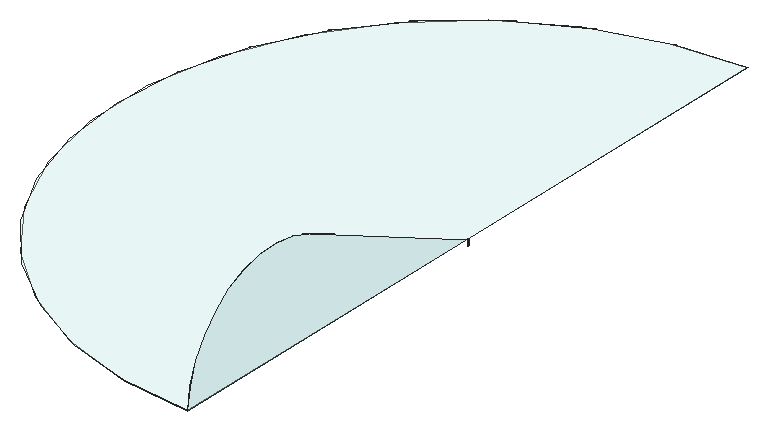
Revit family "Rotor Falvon 6504 Series - I6504PCSS", category Acessórios do tubo, Revit 2020
Family settings
  Cota do conector redondo = Utilizar diâmetro
  Tipo de parte = Normal
  Número OmniClass = 23.60.30.11.14
  Título OmniClass = Pipework Fittings
  Com base no plano de trabalho = Não
  Sempre na vertical = Sim
  Corte com vazios quando carregada = Não
  Compartilhado = Não
Parameters (values of type "Nozzle 18")
  Water = Water
  URL = "https://www.rainbird.com/"
  TABLE 90 = "TABLE 90psi"
  TABLE 80 = "TABLE 80psi"
  TABLE 70 = "TABLE 70psi"
  TABLE 60 = "TABLE 60psi"
  TABLE 50 = "TABLE 50psi"
  TABLE 40 = "TABLE 40psi"
  TABLE 30 = "TABLE 30psi"
  SupportProjetos: Reviw Date = ""  # constant formula
  SupportProjetos: Reviw = "R00"  # constant formula
  SupportProjetos: Level of Detail = "LOD 300"  # constant formula
  SupportProjetos: Developed = "MICHEL SOARES MOTA"  # constant formula
  SupportProjetos: Creation Date = "07/08/2020"  # constant formula
  Side inlet = no
  Rotation Water Visibility [instance] = Pop up on  # yes
  Rotation Angle [instance] = 180.00°
  RainBird: Product Link = "https://www.rainbird.com/"
  RainBird: Description = "FALCON I6504-PC-SS Rotor "  # constant formula
  RainBird: Comment [instance] = ""
  RainBird: Code = "B65801"  # constant formula
  Radius [instance] = if(and(Pressure = 30.0 psi, Instance < 3 ft), size_lookup(TABLE 30, "Radius", 0 ft, Instance), if(and(Pressure = 40.0 psi, Instance < 9 ft), size_lookup(TABLE 40, "Radius", 0 ft, Instance), if(and(Pressure = 50.0 psi, Instance < 9 ft), size_lookup(TABLE 50, "Radius", 0 ft, Instance), if(and(Pressure = 60.0 psi, Instance < 9 ft), size_lookup(TABLE 60, "Radius", 0 ft, Instance), if(and(Pressure = 70.0 psi, Instance < 9 ft), size_lookup(TABLE 70, "Radius", 0 ft, Instance), if(and(Pressure = 80.0 psi, Instance < 9 ft), size_lookup(TABLE 80, "Radius", 0 ft, Instance), if(and(Pressure = 90.0 psi, Instance > 7 ft), size_lookup(TABLE 90, "Radius", 600 ft, Instance), 0 ft)))))))  # 63 ft
  RT = 0.009893 ft
  RN = 0.032808 ft
  R5 = 0.03937 ft
  R4 = 0.04101 ft
  R3 = 0.065617 ft
  R2 = 0.075407 ft
  R1 = 0.032808 ft
  Pressure [instance] = 60.0 psi
  Pop up height = 0.334646 ft
  Pop up on [instance] = yes
  Modelo = "I6504-PCSS"  # constant formula
  Instance = 8 ft
  H1 = Body height / 3  # 0.236333 ft
  Flow [instance] = if(and(Pressure = 30.0 psi, Instance < 3 ft), size_lookup(TABLE 30, "Flow", 0.0 GPM, Instance), if(and(Pressure = 40.0 psi, Instance < 9 ft), size_lookup(TABLE 40, "Flow", 0.0 GPM, Instance), if(and(Pressure = 50.0 psi, Instance < 9 ft), size_lookup(TABLE 50, "Flow", 0.0 GPM, Instance), if(and(Pressure = 60.0 psi, Instance < 9 ft), size_lookup(TABLE 60, "Flow", 0.0 GPM, Instance), if(and(Pressure = 70.0 psi, Instance < 9 ft), size_lookup(TABLE 70, "Flow", 0.0 GPM, Instance), if(and(Pressure = 80.0 psi, Instance < 9 ft), size_lookup(TABLE 80, "Flow", 0.0 GPM, Instance), if(and(Pressure = 90.0 psi, Instance > 7 ft), size_lookup(TABLE 90, "Flow", 0.0 GPM, Instance), 0.0 GPM)))))))  # 17.1 GPM
  Fabricante = "Rain Bird"
  Elevação padrão = 0 ft
  Description = RainBird: Description  # "FALCON I6504-PC-SS Rotor "
  DD13 = 0.002625 ft
  DD12 = 0.003937 ft
  DD11 = 0.009897 ft
  DD10 = 0.016404 ft
  DD8 [instance] = if(Pop up on, Pop up height, 0 ft)  # 0.334646 ft
  DD7 = 0.019685 ft
  DD6 [instance] = 0.016404 ft
  DD5 = 0.065617 ft
  DD4 = 0.032808 ft
  DD3 = 0.091048 ft
  DD2 [instance] = 0.024514 ft
  DD9 [instance] = if(Pop up on, Pop up height + 0.049541 ft, 0 ft)  # 0.384186 ft
  DD1 = 0.006562 ft
  Conection = 0.062664 ft  # constant formula
  Body height = 0.709 ft  # constant formula
  Blue = Blue Plastic
  Black Plastic = Black Plastic
  Angle = 25.00°
Types (9, lengths in ft): name | Radius | Pressure | Instance | Flow
  (no name) | 63 | 60.0 psi | 8 | 17.1 GPM
  Nozzle 4 | 43 | 80.0 psi | 1 | 4.6 GPM
  Nozzle 6 | 49 | 80.0 psi | 2 | 4.9 GPM
  Nozzle 8 | 53 | 80.0 psi | 3 | 9.4 GPM
  Nozzle 10 | 55 | 80.0 psi | 4 | 11.6 GPM
  Nozzle 12 | 61 | 80.0 psi | 5 | 14.0 GPM
  Tipo 14 | 61 | 80.0 psi | 6 | 16.2 GPM
  Nozzle 16 | 63 | 80.0 psi | 7 | 18.1 GPM
  Nozzle 18 | 63 | 60.0 psi | 8 | 17.1 GPM
Reference planes (ft)
  plane 1 "Centro (Frente/Trás)": y = 0
  plane 2: z = 0
  plane 3 "Centro (Esquerda/Direita)": x = 0
  plane 4: z = 0.003937
  plane 5: z = 0.002625
  plane 6: y = -0.065617
Forms (ft)
  Revolve 1, solid, material "Black Plastic" <- "Black Plastic"
    sketch origin (0, 0, 0) x (1, 0, 0) y (0, 0, 1)
      loop
        line (0.075407, -0.091048) -> (0.075407, -0.035324)
        arc (0.075407, -0.035324) -> (0.072509, -0.028329) -> (0.065514, -0.025431) r 0.009893
        line (0.065514, -0.025431) -> (0.046098, -0.025431) -> (0.046098, 0) -> (0.03937, 0) -> (0.03937, -0.334646) -> (0.019685, -0.334646) -> (0.019685, -0.702438) -> (0.032808, -0.702438) -> (0.032808, -0.709) -> (0.04101, -0.709) -> (0.04101, -0.702438) -> (0.055724, -0.702438)
        arc (0.055724, -0.702438) -> (0.062719, -0.699541) -> (0.065617, -0.692545) r 0.009893
        line (0.065617, -0.692545) -> (0.065617, -0.091048) -> (0.075407, -0.091048)
      axis (0, -0.709) -> (0, 0)
    angle from 0 to 360
  Extrusion 2, solid, material "Black Plastic" <- "Black Plastic"
    sketch origin (0, 0, 0) x (1, 0, 0) y (0, 1, 0)
      loop
        circle (0, 0) r 0.032808
    from -0.334646 to 0.334646
  Extrusion 3, void
    sketch origin (0, 0, 0) x (1, 0, 0) y (0, 1, 0)
      loop
        circle (0, 0) r 0.022844
    from -0.334646 to 0.334646
  Revolve 4, solid, material "Black Plastic" <- "Black Plastic"
    sketch origin (0, 0, 0) x (1, 0, 0) y (0, 0, 1)
      loop
        line (0, 0.334646) -> (0.037004, 0.334646) -> (0.037004, 0.344543)
        arc (0.037004, 0.344543) -> (0.01879, 0.349436) -> (0, 0.35105) r 0.10685
        line (0, 0.35105) -> (0, 0.334646)
      axis (0, 0.334646) -> (0, 0.35105)
    angle from 0 to 360
  Extrusion 5, solid, material "Blue Plastic" <- "Blue"
    sketch origin (0, 0, 0) x (1, 0, 0) y (0, 0, 1)
      loop
        circle (0, 0.310131) r 0.009129
      loop
        circle (0, 0.310131) r 0.004793
    from 0 to 0.034386
  Extrusion 6, void
    sketch origin (0, 0, 0) x (1, 0, 0) y (0, 0, 1)
      loop
        line (-0.02074, 0.328055) -> (-0.02074, 0.282426) -> (0.020672, 0.282426) -> (0.020672, 0.328055) -> (-0.02074, 0.328055)
      loop
        line (-0.018439, 0.325179) -> (-0.018439, 0.285685) -> (0.018179, 0.285685) -> (0.018179, 0.325179) -> (-0.018439, 0.325179)
    from 0.024556 to 0.06931
  Extrusion 7, solid, material "Black Plastic" <- "Black Plastic"
    sketch origin (0, 0, 0) x (1, 0, 0) y (0, 0, 1)
      loop
        line (0.046098, 0) -> (0.046098, -0.036876) -> (0.073493, -0.036876) -> (0.046098, 0)
    from -0.002998 to 0.002998
  Extrusion 8, solid, material "Black Plastic" <- "Black Plastic"
    sketch origin (0, 0, 0) x (-1, 0, 0) y (0, 0, -1)
      loop
        line (0.046098, 0) -> (0.073493, 0.036876) -> (0.046098, 0.036876) -> (0.046098, 0)
    from -0.002998 to 0.002998
  Extrusion 9, solid, material "Black Plastic" <- "Black Plastic"
    sketch origin (0, 0, 0) x (0.866025, 0.5, 0) y (0, 0, 1)
      loop
        line (0.046098, 0) -> (0.046098, -0.036876) -> (0.073493, -0.036876) -> (0.046098, 0)
    from -0.002998 to 0.002998
  Extrusion 10, solid, material "Black Plastic" <- "Black Plastic"
    sketch origin (0, 0, 0) x (-0.866025, -0.5, 0) y (0, 0, -1)
      loop
        line (0.046098, 0) -> (0.073493, 0.036876) -> (0.046098, 0.036876) -> (0.046098, 0)
    from -0.002998 to 0.002998
  Extrusion 11, solid, material "Black Plastic" <- "Black Plastic"
    sketch origin (0, 0, 0) x (0, 1, 0) y (0, 0, 1)
      loop
        line (0.046098, 0) -> (0.046098, -0.036876) -> (0.073493, -0.036876) -> (0.046098, 0)
    from -0.002998 to 0.002998
  Extrusion 12, solid, material "Black Plastic" <- "Black Plastic"
    sketch origin (0, 0, 0) x (0, -1, 0) y (0, 0, -1)
      loop
        line (0.046098, 0) -> (0.073493, 0.036876) -> (0.046098, 0.036876) -> (0.046098, 0)
    from -0.002998 to 0.002998
  Extrusion 13, solid, material "Black Plastic" <- "Black Plastic"
    sketch origin (0, 0, 0) x (0.5, 0.866025, 0) y (0, 0, 1)
      loop
        line (0.046098, 0) -> (0.046098, -0.036876) -> (0.073493, -0.036876) -> (0.046098, 0)
    from -0.002998 to 0.002998
  Extrusion 14, solid, material "Black Plastic" <- "Black Plastic"
    sketch origin (0, 0, 0) x (-0.5, -0.866025, 0) y (0, 0, -1)
      loop
        line (0.046098, 0) -> (0.073493, 0.036876) -> (0.046098, 0.036876) -> (0.046098, 0)
    from -0.002998 to 0.002998
  Extrusion 15, solid, material "Black Plastic" <- "Black Plastic"
    sketch origin (0, 0, 0) x (-0.5, 0.866025, 0) y (0, 0, 1)
      loop
        line (0.046098, 0) -> (0.046098, -0.036876) -> (0.073493, -0.036876) -> (0.046098, 0)
    from -0.002998 to 0.002998
  Extrusion 16, solid, material "Black Plastic" <- "Black Plastic"
    sketch origin (0, 0, 0) x (0.5, -0.866025, 0) y (0, 0, -1)
      loop
        line (0.046098, 0) -> (0.073493, 0.036876) -> (0.046098, 0.036876) -> (0.046098, 0)
    from -0.002998 to 0.002998
  Extrusion 17, solid, material "Black Plastic" <- "Black Plastic"
    sketch origin (0, 0, 0) x (-0.866025, 0.5, 0) y (0, 0, 1)
      loop
        line (0.046098, 0) -> (0.046098, -0.036876) -> (0.073493, -0.036876) -> (0.046098, 0)
    from -0.002998 to 0.002998
  Extrusion 18, solid, material "Black Plastic" <- "Black Plastic"
    sketch origin (0, 0, 0) x (0.866025, -0.5, 0) y (0, 0, -1)
      loop
        line (0.046098, 0) -> (0.073493, 0.036876) -> (0.046098, 0.036876) -> (0.046098, 0)
    from -0.002998 to 0.002998
  Extrusion 19, void
    sketch origin (0, 0, 0) x (1, 0, 0) y (0, 1, 0)
      loop
        line (-0.002998, 0.077702) -> (-0.002998, 0.071655) -> (0.002998, 0.071655) -> (0.002998, 0.077702) -> (-0.002998, 0.077702)
    from -0.091048 to 0.82021
  Extrusion 20, void
    sketch origin (0, 0, 0) x (1, 0, 0) y (0, 1, 0)
      loop
        line (0.002998, -0.077702) -> (0.002998, -0.071655) -> (-0.002998, -0.071655) -> (-0.002998, -0.077702) -> (0.002998, -0.077702)
    from -0.091048 to 0.82021
  Extrusion 21, void
    sketch origin (0, 0, 0) x (0.965926, 0.258819, 0) y (-0.258819, 0.965926, 0)
      loop
        line (-0.002998, 0.077702) -> (-0.002998, 0.071655) -> (0.002998, 0.071655) -> (0.002998, 0.077702) -> (-0.002998, 0.077702)
    from -0.091048 to 0.82021
  Extrusion 22, void
    sketch origin (0, 0, 0) x (0.965926, 0.258819, 0) y (-0.258819, 0.965926, 0)
      loop
        line (0.002998, -0.077702) -> (0.002998, -0.071655) -> (-0.002998, -0.071655) -> (-0.002998, -0.077702) -> (0.002998, -0.077702)
    from -0.091048 to 0.82021
  Extrusion 23, void
    sketch origin (0, 0, 0) x (0.866025, 0.5, 0) y (-0.5, 0.866025, 0)
      loop
        line (-0.002998, 0.077702) -> (-0.002998, 0.071655) -> (0.002998, 0.071655) -> (0.002998, 0.077702) -> (-0.002998, 0.077702)
    from -0.091048 to 0.82021
  Extrusion 24, void
    sketch origin (0, 0, 0) x (0.866025, 0.5, 0) y (-0.5, 0.866025, 0)
      loop
        line (0.002998, -0.077702) -> (0.002998, -0.071655) -> (-0.002998, -0.071655) -> (-0.002998, -0.077702) -> (0.002998, -0.077702)
    from -0.091048 to 0.82021
  Extrusion 25, void
    sketch origin (0, 0, 0) x (0.5, 0.866025, 0) y (-0.866025, 0.5, 0)
      loop
        line (-0.002998, 0.077702) -> (-0.002998, 0.071655) -> (0.002998, 0.071655) -> (0.002998, 0.077702) -> (-0.002998, 0.077702)
    from -0.091048 to 0.82021
  Extrusion 26, void
    sketch origin (0, 0, 0) x (0.5, 0.866025, 0) y (-0.866025, 0.5, 0)
      loop
        line (0.002998, -0.077702) -> (0.002998, -0.071655) -> (-0.002998, -0.071655) -> (-0.002998, -0.077702) -> (0.002998, -0.077702)
    from -0.091048 to 0.82021
  Extrusion 27, void
    sketch origin (0, 0, 0) x (0.707107, 0.707107, 0) y (-0.707107, 0.707107, 0)
      loop
        line (-0.002998, 0.077702) -> (-0.002998, 0.071655) -> (0.002998, 0.071655) -> (0.002998, 0.077702) -> (-0.002998, 0.077702)
    from -0.091048 to 0.82021
  Extrusion 28, void
    sketch origin (0, 0, 0) x (0.707107, 0.707107, 0) y (-0.707107, 0.707107, 0)
      loop
        line (0.002998, -0.077702) -> (0.002998, -0.071655) -> (-0.002998, -0.071655) -> (-0.002998, -0.077702) -> (0.002998, -0.077702)
    from -0.091048 to 0.82021
  Extrusion 29, void
    sketch origin (0, 0, 0) x (0.258819, 0.965926, 0) y (-0.965926, 0.258819, 0)
      loop
        line (-0.002998, 0.077702) -> (-0.002998, 0.071655) -> (0.002998, 0.071655) -> (0.002998, 0.077702) -> (-0.002998, 0.077702)
    from -0.091048 to 0.82021
  Extrusion 30, void
    sketch origin (0, 0, 0) x (0.258819, 0.965926, 0) y (-0.965926, 0.258819, 0)
      loop
        line (0.002998, -0.077702) -> (0.002998, -0.071655) -> (-0.002998, -0.071655) -> (-0.002998, -0.077702) -> (0.002998, -0.077702)
    from -0.091048 to 0.82021
  Extrusion 31, void
    sketch origin (0, 0, 0) x (0, 1, 0) y (-1, 0, 0)
      loop
        line (-0.002998, 0.077702) -> (-0.002998, 0.071655) -> (0.002998, 0.071655) -> (0.002998, 0.077702) -> (-0.002998, 0.077702)
    from -0.091048 to 0.82021
  Extrusion 32, void
    sketch origin (0, 0, 0) x (0, 1, 0) y (-1, 0, 0)
      loop
        line (0.002998, -0.077702) -> (0.002998, -0.071655) -> (-0.002998, -0.071655) -> (-0.002998, -0.077702) -> (0.002998, -0.077702)
    from -0.091048 to 0.82021
  Extrusion 33, void
    sketch origin (0, 0, 0) x (-0.258819, 0.965926, 0) y (-0.965926, -0.258819, 0)
      loop
        line (-0.002998, 0.077702) -> (-0.002998, 0.071655) -> (0.002998, 0.071655) -> (0.002998, 0.077702) -> (-0.002998, 0.077702)
    from -0.091048 to 0.82021
  Extrusion 34, void
    sketch origin (0, 0, 0) x (-0.258819, 0.965926, 0) y (-0.965926, -0.258819, 0)
      loop
        line (0.002998, -0.077702) -> (0.002998, -0.071655) -> (-0.002998, -0.071655) -> (-0.002998, -0.077702) -> (0.002998, -0.077702)
    from -0.091048 to 0.82021
  Extrusion 35, void
    sketch origin (0, 0, 0) x (-0.5, 0.866025, 0) y (-0.866025, -0.5, 0)
      loop
        line (-0.002998, 0.077702) -> (-0.002998, 0.071655) -> (0.002998, 0.071655) -> (0.002998, 0.077702) -> (-0.002998, 0.077702)
    from -0.091048 to 0.82021
  Extrusion 36, void
    sketch origin (0, 0, 0) x (-0.5, 0.866025, 0) y (-0.866025, -0.5, 0)
      loop
        line (0.002998, -0.077702) -> (0.002998, -0.071655) -> (-0.002998, -0.071655) -> (-0.002998, -0.077702) -> (0.002998, -0.077702)
    from -0.091048 to 0.82021
  Extrusion 37, void
    sketch origin (0, 0, 0) x (-0.707107, 0.707107, 0) y (-0.707107, -0.707107, 0)
      loop
        line (-0.002998, 0.077702) -> (-0.002998, 0.071655) -> (0.002998, 0.071655) -> (0.002998, 0.077702) -> (-0.002998, 0.077702)
    from -0.091048 to 0.82021
  Extrusion 38, void
    sketch origin (0, 0, 0) x (-0.707107, 0.707107, 0) y (-0.707107, -0.707107, 0)
      loop
        line (0.002998, -0.077702) -> (0.002998, -0.071655) -> (-0.002998, -0.071655) -> (-0.002998, -0.077702) -> (0.002998, -0.077702)
    from -0.091048 to 0.82021
  Extrusion 39, void
    sketch origin (0, 0, 0) x (-0.866025, 0.5, 0) y (-0.5, -0.866025, 0)
      loop
        line (-0.002998, 0.077702) -> (-0.002998, 0.071655) -> (0.002998, 0.071655) -> (0.002998, 0.077702) -> (-0.002998, 0.077702)
    from -0.091048 to 0.82021
  Extrusion 40, void
    sketch origin (0, 0, 0) x (-0.866025, 0.5, 0) y (-0.5, -0.866025, 0)
      loop
        line (0.002998, -0.077702) -> (0.002998, -0.071655) -> (-0.002998, -0.071655) -> (-0.002998, -0.077702) -> (0.002998, -0.077702)
    from -0.091048 to 0.82021
  Extrusion 41, void
    sketch origin (0, 0, 0) x (-0.965926, 0.258819, 0) y (-0.258819, -0.965926, 0)
      loop
        line (-0.002998, 0.077702) -> (-0.002998, 0.071655) -> (0.002998, 0.071655) -> (0.002998, 0.077702) -> (-0.002998, 0.077702)
    from -0.091048 to 0.82021
  Extrusion 42, void
    sketch origin (0, 0, 0) x (-0.965926, 0.258819, 0) y (-0.258819, -0.965926, 0)
      loop
        line (0.002998, -0.077702) -> (0.002998, -0.071655) -> (-0.002998, -0.071655) -> (-0.002998, -0.077702) -> (0.002998, -0.077702)
    from -0.091048 to 0.82021
  Extrusion 43, solid, material "Water" <- "Water", visible <- "Rotation Water Visibility"
    sketch origin (0, 0, 0) x (0, 1, 0) y (0, 0, 1)
      loop
        line (-0.032808, 0.310131) -> (-35.615202, 16.902474)
        arc (-35.615202, 16.902474) -> (-53.751991, 15.923219) -> (-63.032808, 0.310131) r 19.287003
        line (-63.032808, 0.310131) -> (-0.032808, 0.310131)
    from -0.008202 to 0.008202
Cuts and joins
  Extrusion 3, Extrusion 6 cuts Extrusion 2
  Extrusion 19, Extrusion 20, Extrusion 21, Extrusion 22, Extrusion 23, Extrusion 24, Extrusion 25, Extrusion 26, Extrusion 27, Extrusion 28, Extrusion 29, Extrusion 30, Extrusion 31, Extrusion 32, Extrusion 33, Extrusion 34, Extrusion 35, Extrusion 36, Extrusion 37, Extrusion 38, Extrusion 39, Extrusion 40, Extrusion 41, Extrusion 42 cuts Revolve 1
Dimensions and locks (ft)
  "Body height": level to Revolve 1 sketch curve
  "R2": Revolve 1 sketch curve to plane 3 "Centro (Esquerda/Direita)"
  "DD1": Revolve 1 sketch curve to Revolve 1 sketch curve
  "DD3": level to Revolve 1 sketch curve
  Revolve 1 sketch curve to plane 3 "Centro (Esquerda/Direita)" = 0.065617 ft
  "R4": Revolve 1 sketch curve to plane 3 "Centro (Esquerda/Direita)"
  "RN": Revolve 1 sketch curve to plane 3 "Centro (Esquerda/Direita)"
  "Pop up height": level to Revolve 1 sketch curve
  "R5": plane 3 "Centro (Esquerda/Direita)" to Revolve 1 sketch curve
  "DD7": Revolve 1 sketch curve to plane 3 "Centro (Esquerda/Direita)"
  "DD8": Extrusion 2 to level
  "DD12": plane 4 to level
  "DD13": plane 5 to level
  "R3": plane 6 to plane 1 "Centro (Frente/Trás)"
  "DD5": Revolve 1 sketch curve to Revolve 1 sketch curve
  "DD10": Revolve 4 sketch curve to Revolve 4 sketch curve
  "DD11": Revolve 4 sketch curve to Revolve 4 sketch curve
  "DD2": Revolve 4 to Extrusion 5 sketch curve  (x2)
  Extrusion 7 to plane 3 "Centro (Esquerda/Direita)" = 0.046098 ft
  equal spacing: Extrusion 7, plane 1 "Centro (Frente/Trás)", Extrusion 7
  Extrusion 8 to Extrusion 8 = 0.005995 ft
  Extrusion 9 to Extrusion 9 = 0.005995 ft
  Extrusion 20 sketch curve to Extrusion 20 sketch curve = 0.005995 ft
  Extrusion 22 sketch curve to Extrusion 22 sketch curve = 0.005995 ft
  Extrusion 24 sketch curve to Extrusion 24 sketch curve = 0.005995 ft
  Extrusion 26 sketch curve to Extrusion 26 sketch curve = 0.005995 ft
  Extrusion 28 sketch curve to Extrusion 28 sketch curve = 0.005995 ft
  Extrusion 30 sketch curve to Extrusion 30 sketch curve = 0.005995 ft
  Extrusion 32 sketch curve to Extrusion 32 sketch curve = 0.005995 ft
  Extrusion 34 sketch curve to Extrusion 34 sketch curve = 0.005995 ft
  Extrusion 36 sketch curve to Extrusion 36 sketch curve = 0.005995 ft
  Extrusion 38 sketch curve to Extrusion 38 sketch curve = 0.005995 ft
  Extrusion 40 sketch curve to Extrusion 40 sketch curve = 0.005995 ft
  Extrusion 42 sketch curve to Extrusion 42 sketch curve = 0.005995 ft
  "DD4": plane 1 "Centro (Frente/Trás)" to Extrusion 43 sketch curve
  "DD2": Revolve 4 to Extrusion 43 sketch curve
  "Radius": Extrusion 43 sketch curve to Extrusion 43 sketch curve
  equal spacing: Extrusion 43, plane 3 "Centro (Esquerda/Direita)", Extrusion 43
  "DD6": Extrusion 43 to Extrusion 43
  "DD2": Revolve 4 to nested 1
  "RT": radius of Revolve 1 sketch curve  (x2)
  "R1": radius of Extrusion 2 sketch curve
  "Angle": angle Extrusion 43 sketch curve to Extrusion 43 sketch curve
  aligned and locked: level to plane 2
  aligned and locked: Revolve 1 sketch curve to Revolve 1 sketch curve
  aligned and locked: Extrusion 2 to Revolve 1
  aligned and locked: cut or joined group of Extrusion 2, Extrusion 3, Extrusion 6 to cut or joined group of Extrusion 2, Extrusion 3, Extrusion 6  (x2)
  aligned and locked: Revolve 4 sketch curve to cut or joined group of Extrusion 2, Extrusion 3, Extrusion 6
  aligned and locked: Extrusion 20 to Revolve 1
  aligned and locked: Extrusion 22 to Revolve 1
  aligned and locked: Extrusion 24 to Revolve 1
  aligned and locked: Extrusion 28 to Revolve 1
  aligned and locked: Extrusion 26 to Revolve 1
  aligned and locked: Extrusion 30 to Revolve 1
  aligned and locked: Extrusion 32 to Revolve 1
  aligned and locked: Extrusion 34 to Revolve 1
  aligned and locked: Revolve 1 to Extrusion 36
  aligned and locked: Revolve 1 to Extrusion 38
  aligned and locked: Extrusion 41 to Revolve 1
  aligned and locked: Extrusion 39 to Revolve 1
  aligned and locked: Extrusion 37 to Revolve 1
  aligned and locked: Extrusion 35 to Revolve 1
  aligned and locked: Extrusion 33 to Revolve 1
  aligned and locked: Extrusion 31 to Revolve 1
  aligned and locked: Extrusion 29 to Revolve 1
  aligned and locked: Revolve 1 to Extrusion 25
  aligned and locked: Revolve 1 to Extrusion 27
  aligned and locked: Revolve 1 to Extrusion 19
  aligned and locked: Revolve 1 to Extrusion 21
  aligned and locked: Revolve 1 to Extrusion 42
  aligned and locked: Revolve 1 to Extrusion 40
  aligned and locked: Revolve 1 to Extrusion 23
Automatic sketch dimensions
  plane 1 "Centro (Frente/Trás)" to Extrusion 2 sketch curve = 0 ft
  Extrusion 2 sketch curve to plane 3 "Centro (Esquerda/Direita)" = 0 ft
  plane 1 "Centro (Frente/Trás)" to Extrusion 3 sketch curve = 0 ft
  Extrusion 3 sketch curve to plane 3 "Centro (Esquerda/Direita)" = 0 ft
  Revolve 4 sketch curve to plane 3 "Centro (Esquerda/Direita)" = 0 ft  (x2)
  plane 3 "Centro (Esquerda/Direita)" to Revolve 4 sketch curve = 0.000284 ft
  plane 3 "Centro (Esquerda/Direita)" to Revolve 4 sketch curve = 0.037004 ft
  Revolve 4 sketch curve to Revolve 4 sketch curve = 0.015719 ft
  Revolve 4 sketch curve to Revolve 4 sketch curve = 0.114829 ft
  Extrusion 5 sketch curve to Extrusion 5 sketch curve = 0 ft
  Extrusion 5 sketch curve to plane 3 "Centro (Esquerda/Direita)" = 0 ft
  Extrusion 6 sketch curve to plane 3 "Centro (Esquerda/Direita)" = 0.02074 ft
  Extrusion 6 sketch curve to Extrusion 6 sketch curve = 0.002301 ft
  plane 3 "Centro (Esquerda/Direita)" to Extrusion 6 sketch curve = 0.018179 ft
  Extrusion 6 sketch curve to Extrusion 6 sketch curve = 0.002492 ft
  plane 4 to Extrusion 6 sketch curve = 0.278489 ft
  Extrusion 6 sketch curve to Extrusion 6 sketch curve = 0.003259 ft
  Extrusion 6 sketch curve to Extrusion 6 sketch curve = 0.039494 ft
  Extrusion 6 sketch curve to Extrusion 6 sketch curve = 0.002876 ft
  Extrusion 7 sketch curve to level = 0 ft
  plane 3 "Centro (Esquerda/Direita)" to Extrusion 7 sketch curve = 0.046098 ft
  Extrusion 7 sketch curve to Extrusion 7 sketch curve = 0.027396 ft
  Extrusion 7 sketch curve to Extrusion 7 sketch curve = 0.036876 ft
  Extrusion 8 sketch curve to level = 0 ft
  plane 3 "Centro (Esquerda/Direita)" to Extrusion 8 sketch curve = 0.046098 ft
  Extrusion 8 sketch curve to Extrusion 8 sketch curve = 0.027396 ft
  Extrusion 8 sketch curve to Extrusion 8 sketch curve = 0.036876 ft
  Extrusion 9 sketch curve to level = 0 ft
  Extrusion 9 sketch curve to level = 0.036876 ft
  Extrusion 9 sketch curve to Extrusion 9 sketch curve = 0.027396 ft
  Extrusion 10 sketch curve to level = 0 ft
  Extrusion 10 sketch curve to level = 0.036876 ft
  Extrusion 10 sketch curve to Extrusion 10 sketch curve = 0.027396 ft
  Extrusion 11 sketch curve to level = 0 ft
  Extrusion 11 sketch curve to plane 1 "Centro (Frente/Trás)" = 0.046098 ft
  Extrusion 11 sketch curve to Extrusion 11 sketch curve = 0.027396 ft
  Extrusion 11 sketch curve to Extrusion 11 sketch curve = 0.036876 ft
  Extrusion 12 sketch curve to level = 0 ft
  plane 6 to Extrusion 12 sketch curve = 0.019519 ft
  Extrusion 12 sketch curve to plane 6 = 0.007877 ft
  Extrusion 12 sketch curve to level = 0.036876 ft
  Extrusion 13 sketch curve to level = 0 ft
  Extrusion 13 sketch curve to level = 0.036876 ft
  Extrusion 13 sketch curve to Extrusion 13 sketch curve = 0.027396 ft
  Extrusion 14 sketch curve to level = 0 ft
  Extrusion 14 sketch curve to level = 0.036876 ft
  Extrusion 14 sketch curve to Extrusion 14 sketch curve = 0.027396 ft
  level to Extrusion 15 sketch curve = 0 ft
  Extrusion 15 sketch curve to level = 0.036876 ft
  Extrusion 15 sketch curve to Extrusion 15 sketch curve = 0.027396 ft
  level to Extrusion 16 sketch curve = 0 ft
  Extrusion 16 sketch curve to level = 0.036876 ft
  Extrusion 16 sketch curve to Extrusion 16 sketch curve = 0.027396 ft
  level to Extrusion 17 sketch curve = 0 ft
  Extrusion 17 sketch curve to level = 0.036876 ft
  Extrusion 17 sketch curve to Extrusion 17 sketch curve = 0.027396 ft
  level to Extrusion 18 sketch curve = 0 ft
  Extrusion 18 sketch curve to level = 0.036876 ft
  Extrusion 18 sketch curve to Extrusion 18 sketch curve = 0.027396 ft
  Extrusion 19 sketch curve to plane 3 "Centro (Esquerda/Direita)" = 0.002998 ft
  Extrusion 19 sketch curve to plane 1 "Centro (Frente/Trás)" = 0.071655 ft
  Extrusion 19 sketch curve to Extrusion 19 sketch curve = 0.006047 ft
  plane 3 "Centro (Esquerda/Direita)" to Extrusion 20 sketch curve = 0.002998 ft
  plane 6 to Extrusion 20 sketch curve = 0.006038 ft
  Extrusion 20 sketch curve to Extrusion 20 sketch curve = 0.006047 ft
  plane 3 "Centro (Esquerda/Direita)" to Extrusion 19 sketch curve = 0.002998 ft
  Extrusion 21 sketch curve to plane 3 "Centro (Esquerda/Direita)" = 0.021441 ft
  Extrusion 21 sketch curve to plane 1 "Centro (Frente/Trás)" = 0.068438 ft
  Extrusion 21 sketch curve to Extrusion 21 sketch curve = 0.005995 ft
  Extrusion 21 sketch curve to Extrusion 21 sketch curve = 0.006047 ft
  Extrusion 22 sketch curve to plane 6 = 0.010213 ft
  plane 3 "Centro (Esquerda/Direita)" to Extrusion 22 sketch curve = 0.017215 ft
  Extrusion 22 sketch curve to Extrusion 22 sketch curve = 0.006047 ft
  Extrusion 23 sketch curve to plane 3 "Centro (Esquerda/Direita)" = 0.038424 ft
  Extrusion 23 sketch curve to plane 1 "Centro (Frente/Trás)" = 0.060556 ft
  Extrusion 23 sketch curve to Extrusion 23 sketch curve = 0.005995 ft
  Extrusion 23 sketch curve to Extrusion 23 sketch curve = 0.006047 ft
  Extrusion 24 sketch curve to plane 6 = 0.003174 ft
  plane 3 "Centro (Esquerda/Direita)" to Extrusion 24 sketch curve = 0.036255 ft
  Extrusion 24 sketch curve to Extrusion 24 sketch curve = 0.006047 ft
  Extrusion 25 sketch curve to plane 1 "Centro (Frente/Trás)" = 0.033231 ft
  Extrusion 25 sketch curve to plane 3 "Centro (Esquerda/Direita)" = 0.063554 ft
  Extrusion 25 sketch curve to Extrusion 25 sketch curve = 0.005995 ft
  Extrusion 25 sketch curve to Extrusion 25 sketch curve = 0.006047 ft
  Extrusion 26 sketch curve to plane 6 = 0.02417 ft
  Extrusion 26 sketch curve to plane 3 "Centro (Esquerda/Direita)" = 0.065793 ft
  Extrusion 26 sketch curve to Extrusion 26 sketch curve = 0.006047 ft
  Extrusion 27 sketch curve to plane 1 "Centro (Frente/Trás)" = 0.048548 ft
  Extrusion 27 sketch curve to plane 3 "Centro (Esquerda/Direita)" = 0.052787 ft
  Extrusion 27 sketch curve to Extrusion 27 sketch curve = 0.005995 ft
  Extrusion 27 sketch curve to Extrusion 27 sketch curve = 0.006047 ft
  plane 6 to Extrusion 28 sketch curve = 0.008554 ft
  plane 3 "Centro (Esquerda/Direita)" to Extrusion 28 sketch curve = 0.052824 ft
  Extrusion 28 sketch curve to Extrusion 28 sketch curve = 0.006047 ft
  Extrusion 29 sketch curve to plane 1 "Centro (Frente/Trás)" = 0.01565 ft
  Extrusion 29 sketch curve to plane 3 "Centro (Esquerda/Direita)" = 0.069989 ft
  Extrusion 29 sketch curve to Extrusion 29 sketch curve = 0.005995 ft
  Extrusion 29 sketch curve to Extrusion 29 sketch curve = 0.006047 ft
  plane 1 "Centro (Frente/Trás)" to Extrusion 30 sketch curve = 0.023006 ft
  plane 3 "Centro (Esquerda/Direita)" to Extrusion 30 sketch curve = 0.074278 ft
  Extrusion 30 sketch curve to Extrusion 30 sketch curve = 0.006047 ft
  plane 1 "Centro (Frente/Trás)" to Extrusion 31 sketch curve = 0.002998 ft
  Extrusion 31 sketch curve to plane 1 "Centro (Frente/Trás)" = 0.002998 ft
  Extrusion 31 sketch curve to plane 3 "Centro (Esquerda/Direita)" = 0.071655 ft
  Extrusion 31 sketch curve to Extrusion 31 sketch curve = 0.006047 ft
  plane 1 "Centro (Frente/Trás)" to Extrusion 32 sketch curve = 0.002998 ft
  plane 3 "Centro (Esquerda/Direita)" to Extrusion 32 sketch curve = 0.077702 ft
  Extrusion 32 sketch curve to Extrusion 32 sketch curve = 0.006047 ft
  plane 1 "Centro (Frente/Trás)" to Extrusion 33 sketch curve = 0.021441 ft
  Extrusion 33 sketch curve to plane 3 "Centro (Esquerda/Direita)" = 0.068438 ft
  Extrusion 33 sketch curve to Extrusion 33 sketch curve = 0.005995 ft
  Extrusion 33 sketch curve to Extrusion 33 sketch curve = 0.006047 ft
  Extrusion 34 sketch curve to plane 1 "Centro (Frente/Trás)" = 0.017215 ft
  plane 3 "Centro (Esquerda/Direita)" to Extrusion 34 sketch curve = 0.07583 ft
  Extrusion 34 sketch curve to Extrusion 34 sketch curve = 0.006047 ft
  plane 6 to Extrusion 35 sketch curve = 0.027193 ft
  Extrusion 35 sketch curve to plane 3 "Centro (Esquerda/Direita)" = 0.060556 ft
  Extrusion 35 sketch curve to Extrusion 35 sketch curve = 0.005995 ft
  Extrusion 35 sketch curve to Extrusion 35 sketch curve = 0.006047 ft
  Extrusion 36 sketch curve to plane 1 "Centro (Frente/Trás)" = 0.036255 ft
  plane 3 "Centro (Esquerda/Direita)" to Extrusion 36 sketch curve = 0.068791 ft
  Extrusion 36 sketch curve to Extrusion 36 sketch curve = 0.006047 ft
  plane 6 to Extrusion 37 sketch curve = 0.012829 ft
  Extrusion 37 sketch curve to plane 3 "Centro (Esquerda/Direita)" = 0.048548 ft
  Extrusion 37 sketch curve to Extrusion 37 sketch curve = 0.005995 ft
  Extrusion 37 sketch curve to Extrusion 37 sketch curve = 0.006047 ft
  Extrusion 38 sketch curve to plane 1 "Centro (Frente/Trás)" = 0.052824 ft
  plane 3 "Centro (Esquerda/Direita)" to Extrusion 38 sketch curve = 0.057063 ft
  Extrusion 38 sketch curve to Extrusion 38 sketch curve = 0.006047 ft
  plane 6 to Extrusion 39 sketch curve = 0.002063 ft
  Extrusion 39 sketch curve to plane 3 "Centro (Esquerda/Direita)" = 0.033231 ft
  Extrusion 39 sketch curve to Extrusion 39 sketch curve = 0.005995 ft
  Extrusion 39 sketch curve to Extrusion 39 sketch curve = 0.006047 ft
  plane 3 "Centro (Esquerda/Direita)" to Extrusion 40 sketch curve = 0.041447 ft
  Extrusion 40 sketch curve to plane 1 "Centro (Frente/Trás)" = 0.065793 ft
  Extrusion 40 sketch curve to Extrusion 40 sketch curve = 0.006047 ft
  Extrusion 41 sketch curve to plane 6 = 0.004372 ft
  Extrusion 41 sketch curve to plane 3 "Centro (Esquerda/Direita)" = 0.01565 ft
  Extrusion 41 sketch curve to Extrusion 41 sketch curve = 0.005995 ft
  Extrusion 41 sketch curve to Extrusion 41 sketch curve = 0.006047 ft
  plane 3 "Centro (Esquerda/Direita)" to Extrusion 42 sketch curve = 0.023006 ft
  Extrusion 42 sketch curve to plane 1 "Centro (Frente/Trás)" = 0.074278 ft
  Extrusion 42 sketch curve to Extrusion 42 sketch curve = 0.006047 ft
  Revolve 1 sketch curve to plane 3 "Centro (Esquerda/Direita)" = 0 ft
  Revolve 1 sketch curve to level = 0 ft
  Revolve 1 sketch curve to Revolve 1 sketch curve = 0.019416 ft
  plane 4 to Revolve 1 sketch curve = 0.079347 ft
  Revolve 1 sketch curve to Revolve 1 sketch curve = 0.918635 ft
  Extrusion 43 sketch curve to level = 0.577487 ft
  radius of Extrusion 3 sketch curve = 0.022844 ft
  radius of Extrusion 5 sketch curve = 0.009129 ft
  radius of Extrusion 5 sketch curve = 0.004793 ft
Nested families (ft)
  nested 1: "Water" at (0.00013, 0, 0.190874) x (0, -1, 0) z (0, 0, 1), DT9 <- "DD4", Radius <- "Radius", visible <- "Rotation Water Visibility", Rotation Angle <- "Rotation Angle", type "Water"
    with Rotation Angle 180.00°, Radius 63 ft, DT9 0.032808 ft, DT8 0 ft, DT7 252 ft, DT4 315 ft, Angle 2 180.00°
Connectors (ft)
  piping at (0, 0, -0.709), diameter 2
    settings: on cut or joined group of Revolve 1, Extrusion 19, Extrusion 20, Extrusion 21, Extrusion 22, Extrusion 23, Extrusion 24, Extrusion 25, Extrusion 26, Extrusion 27, Extrusion 28, Extrusion 29, Extrusion 30, Extrusion 31, Extrusion 32, Extrusion 33, Extrusion 34, Extrusion 35, Extrusion 36, Extrusion 37, Extrusion 38, Extrusion 39, Extrusion 40, Extrusion 41, Extrusion 42, index 1, connector inside diameter 609.6 mm, connector length 0 ft, flow factor 0, pipe flow 0.0 GPM, pressure drop 0.0 psi, fitting loss kfactor 0, connector angle 0.00°, fixture units 0, engagement length 0 ft, angle of deflection 0.00°, flow configuration 0, flow direction 0, fitting loss method 0, system type 28, joint type 0, gender type 0, connector reference index -1, connector utility 0, adjustable connector no, is connector primary yes, connector description ""
Definition of nested family "Water"
  Parameters (values of type "Water")
    Water Visibility (Circle) = yes
    Water = none
    URL = ""
    SupportProjetos: Reviw Date = ""  # constant formula
    SupportProjetos: Level of Detail = "LOD 300"  # constant formula
    SupportProjetos: Developed = "MICHEL SOARES MOTA"  # constant formula
    SupportProjetos: Creation Date = "16/07/2020"  # constant formula
    Rotation Angle [instance] = 90.00°
    Reviw = "R00"  # constant formula
    Radius [instance] = 14 ft
    Model = ""
    Default Elevation = 4 ft
    Description = ""
    DT9 [instance] = 0.032808 ft
    DT8 [instance] = if(Rotation Angle = 360.00°, 10 ft, 0 ft)  # 0 ft
    DT7 [instance] = 4 * Radius  # 56 ft
    DT4 [instance] = 5 * Radius  # 70 ft
    DT2 = 0.098425 ft  # constant formula
    DT6 = 0 ft
    Angle 2 [instance] = if(Rotation Angle = 360.00°, 180.00°, 360.00° - Rotation Angle)  # 270.00°
  Reference planes (ft)
    plane 1 "Centro (Frente/Trás)": y = 0
    plane 2: z = 0
    plane 3 "Centro (Esquerda/Direita)": x = 0
  Forms (ft)
    Revolve 1, solid, material <- "Water", visible <- "Water Visibility (Circle)"
      sketch origin (0, 0, 0) x (1, 0, 0) y (0, 0, 1)
        loop
          line (0.032808, 0.098425) -> (14.032808, 0.098425) -> (14.032808, 0.119259) -> (0.032808, 0.119259) -> (0.032808, 0.098425)
        axis (0, 0.098425) -> (0, 0.119259)
      angle from 0 to 360
    Extrusion 2, void
      sketch origin (0, 0, 0) x (1, 0, 0) y (0, 1, 0)
        loop
          line (0, 0) -> (70, 0) -> (70, 56)
          arc (70, 56) -> (-70.459018, 51.588344) -> (0, -70) r 81.847109
          line (0, -70) -> (0, 0)
      from 0 to 15.189231
  Cuts and joins
    Extrusion 2 cuts Revolve 1
  Dimensions and locks (ft)
    "DT2": Revolve 1 sketch curve to level
    "DT4": Extrusion 2 sketch curve to Extrusion 2 sketch curve  (x2)
    "DT6": Extrusion 2 sketch curve to plane 3 "Centro (Esquerda/Direita)"
    "DT7": Extrusion 2 sketch curve to Extrusion 2 sketch curve
    "DT8": cut or joined group of Revolve 1, Extrusion 2 to level
    "Radius": Revolve 1 sketch curve to Revolve 1 sketch curve
    "DT9": Revolve 1 sketch curve to plane 3 "Centro (Esquerda/Direita)"
    "Angle 2": angle Extrusion 2 sketch curve to Extrusion 2 sketch curve
    aligned and locked: level to plane 2
    aligned and locked: plane 1 "Centro (Frente/Trás)" to Extrusion 2 sketch curve
  Automatic sketch dimensions
    plane 3 "Centro (Esquerda/Direita)" to Extrusion 2 sketch curve = 1.088227 ft
    Revolve 1 sketch curve to plane 3 "Centro (Esquerda/Direita)" = 0 ft
    Revolve 1 sketch curve to Revolve 1 sketch curve = 0.020833 ft
    Revolve 1 sketch curve to Revolve 1 sketch curve = 0.032113 ft
    Revolve 1 sketch curve to Revolve 1 sketch curve = 10.2693 ft
